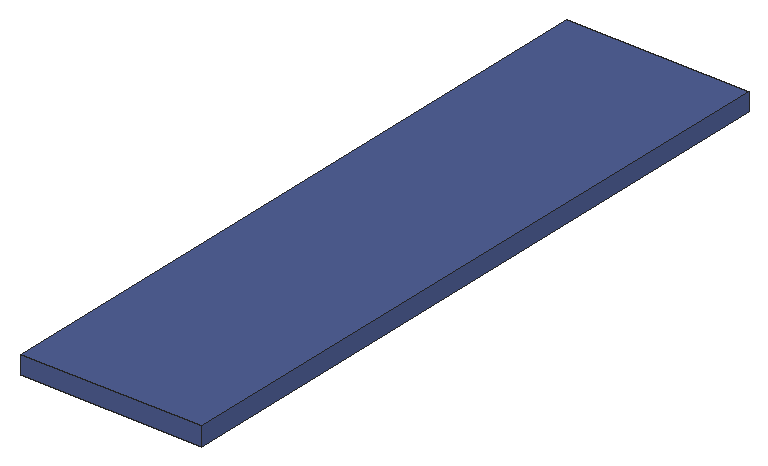
Revit family "DockEquipment_GuideLight_SuperSeal_3C3C-4", category Generic Models, Revit 2011
Parameters
  offset [instance] = 0' - 10 3/4"
  Warranty Duration (Years) = 0
  Unit Width = 0' - 5"
  Unit Height = 1' - 6 3/4"
  Unit Depth = 0' - 0 1/2"
  URL = "http://www.supersealmfg.com/"
  Specification = ""
  SpecWizard = ""
  Sign Width = 0' - 7"
  Sign Material = Plastic - Super Seal - Yellow
  Sign Height = 2' - 4 3/4"
  Sign [instance] = no
  Send Message = "http://www.arcat.com/users.pl?action=UserEmail&company=Super-Seal%20Mfg.%20Ltd&coid=44693&rep=119&fax=905-850-4440 &mf="
  Sales Information = "http://www.supersealmfg.com/ContactUs.htm"
  Revision = "R1_07-2011"
  Product Properties = ""
  Product Data = "http://arcat.com/arcatcos/cos44/arc44693.html?isac=1&r=1"
  Model = "As Specified"
  Material = Plastic - Super Seal - Blue
  Manufacturer Website = "http://www.supersealmfg.com/"
  Manufacturer Phone - Toll Free = "800-337-3239 "
  Manufacturer Phone = "800-337-3239 "
  Manufacturer Fax = "905-850-4440 "
  Manufacturer Address = "670 Rowntree Dairy Rd. Woodbridge , ON, Canada L4L-5T8"
  Manufacturer = "Super-Seal Mfg. Ltd"
  Maintenance Schedule (Months) = 0
  Keynote = ""
  Installation-Fabrication = ""
  Installation Phase = ""
  Green Building-LEED = ""
  Expected Lifespan (Years) = 0
  Drawn By = "Sumex Design, Inc. / Robert S. Weygant, CSI, CDT, SCIP"
  Description = "Super Seal"
  Default Elevation = 4' - 0"
  Copyright = "©Arcat Inc."
  Construction Details = "http://arcat.com/details/supersea/supersea.html?coid=44693"
  Assembly Code = ""
Reference planes (in)
  plane 1 "Center (Front/Back)": y = 0
  plane 2 "Bottom": z = 0
  plane 3 "Center (Left/Right)": x = 0
  plane 4 "Front": y = -9.375
  plane 5 "Left": x = -2.5
  plane 6 "Right": x = 2.5
  plane 7 "Top": z = 0.5
  plane 8: y = 9.375
  plane 9: x = -3.5
  plane 10: x = 3.5
  plane 11: y = 14.375
  plane 12: y = -14.375
Forms (in)
  Extrusion 1, solid, material "Plastic - Super Seal - Blue" <- "Material"
    sketch origin (0, 0, 0) x (1, 0, 0) y (0, 1, 0)
      loop
        line (-2.5, 9.375) -> (-2.5, -9.375) -> (2.5, -9.375) -> (2.5, 9.375) -> (-2.5, 9.375)
    from 0 to 0.5
  Extrusion 2, solid, material "Plastic - Super Seal - Yellow" <- "Sign Material", visible <- "Sign"
    sketch origin (-43.59721, -180, 0.5) x (-1, 0, 0) y (0, -1, 0)
      loop
        line (-40.09721, -194.375) -> (-40.09721, -165.625) -> (-47.09721, -165.625) -> (-47.09721, -194.375) -> (-40.09721, -194.375)
      loop
        line (-41.09721, -170.625) -> (-46.09721, -170.625) -> (-46.09721, -189.375) -> (-41.09721, -189.375) -> (-41.09721, -170.625)
    from 0 to -0.5
Lines and regions (in)
  model lines, style "Dock Equipment", detail levels medium+fine
    curve 1: circle (0, -6.21427, 0.5) r 2 normal (0, 0, 1)
    curve 2: circle (0, 7.66073, 0.5) r 1.5 normal (0, 0, 1)
    curve 3: circle (0, 7.66073, 0.5) r 0.75 normal (0, 0, 1)
    curve 32: circle (0, -1.46427, 0.5) r 2 normal (0, 0, 1)
    curve 61: circle (0, 3.28573, 0.5) r 2 normal (0, 0, 1)
  model lines, style "Dock Equipment", detail levels fine
    curve 4: circle (0.75, -6.21427, 0.5) r 0.125 normal (0, 0, 1)
    curve 5: circle (0, -6.96427, 0.5) r 0.125 normal (0, 0, 1)
    curve 6: circle (0, -7.46427, 0.5) r 0.125 normal (0, 0, 1)
    curve 7: circle (0, -5.46427, 0.5) r 0.125 normal (0, 0, 1)
    curve 8: circle (0, -4.96427, 0.5) r 0.125 normal (0, 0, 1)
    curve 9: circle (-0.75, -6.21427, 0.5) r 0.125 normal (0, 0, 1)
    curve 10: circle (-1.25, -6.21427, 0.5) r 0.125 normal (0, 0, 1)
    curve 11: circle (0.17678, -6.0375, 0.5) r 0.125 normal (0, 0, 1)
    curve 12: circle (0.88388, -5.33039, 0.5) r 0.125 normal (0, 0, 1)
    curve 13: circle (0.53033, -6.7446, 0.5) r 0.125 normal (0, 0, 1)
    curve 14: circle (0.88388, -7.09816, 0.5) r 0.125 normal (0, 0, 1)
    curve 15: circle (-0.53033, -5.68394, 0.5) r 0.125 normal (0, 0, 1)
    curve 16: circle (-0.88388, -5.33039, 0.5) r 0.125 normal (0, 0, 1)
    curve 17: circle (-0.53033, -6.7446, 0.5) r 0.125 normal (0, 0, 1)
    curve 18: circle (-0.88388, -7.09816, 0.5) r 0.125 normal (0, 0, 1)
    curve 19: circle (0.53033, -5.68394, 0.5) r 0.125 normal (0, 0, 1)
    curve 20: circle (-0.17678, -6.0375, 0.5) r 0.125 normal (0, 0, -1)
    curve 21: circle (0.17678, -6.39105, 0.5) r 0.125 normal (0, 0, -1)
    curve 22: circle (-0.17678, -6.39105, 0.5) r 0.125 normal (0, 0, 1)
    curve 23: circle (1.25, -6.21427, 0.5) r 0.125 normal (0, 0, -1)
    curve 24: circle (1.75, -6.21427, 0.5) r 0.125 normal (0, 0, -1)
    curve 25: circle (1.23744, -7.45171, 0.5) r 0.125 normal (0, 0, -1)
    curve 26: circle (1.23744, -4.97684, 0.5) r 0.125 normal (0, 0, -1)
    curve 27: circle (0, -4.46427, 0.5) r 0.125 normal (0, 0, -1)
    curve 28: circle (-1.23744, -4.97684, 0.5) r 0.125 normal (0, 0, -1)
    curve 29: circle (-1.75, -6.21427, 0.5) r 0.125 normal (0, 0, -1)
    curve 30: circle (-1.23744, -7.45171, 0.5) r 0.125 normal (0, 0, -1)
    curve 31: circle (0, -7.96427, 0.5) r 0.125 normal (0, 0, -1)
    curve 33: circle (0.75, -1.46427, 0.5) r 0.125 normal (0, 0, 1)
    curve 34: circle (0, -2.21427, 0.5) r 0.125 normal (0, 0, 1)
    curve 35: circle (0, -2.71427, 0.5) r 0.125 normal (0, 0, 1)
    curve 36: circle (0, -0.71427, 0.5) r 0.125 normal (0, 0, 1)
    curve 37: circle (0, -0.21427, 0.5) r 0.125 normal (0, 0, 1)
    curve 38: circle (-0.75, -1.46427, 0.5) r 0.125 normal (0, 0, 1)
    curve 39: circle (-1.25, -1.46427, 0.5) r 0.125 normal (0, 0, 1)
    curve 40: circle (0.17678, -1.2875, 0.5) r 0.125 normal (0, 0, 1)
    curve 41: circle (0.88388, -0.58039, 0.5) r 0.125 normal (0, 0, 1)
    curve 42: circle (0.53033, -1.9946, 0.5) r 0.125 normal (0, 0, 1)
    curve 43: circle (0.88388, -2.34816, 0.5) r 0.125 normal (0, 0, 1)
    curve 44: circle (-0.53033, -0.93394, 0.5) r 0.125 normal (0, 0, 1)
    curve 45: circle (-0.88388, -0.58039, 0.5) r 0.125 normal (0, 0, 1)
    curve 46: circle (-0.53033, -1.9946, 0.5) r 0.125 normal (0, 0, 1)
    curve 47: circle (-0.88388, -2.34816, 0.5) r 0.125 normal (0, 0, 1)
    curve 48: circle (0.53033, -0.93394, 0.5) r 0.125 normal (0, 0, 1)
    curve 49: circle (-0.17678, -1.2875, 0.5) r 0.125 normal (0, 0, -1)
    curve 50: circle (0.17678, -1.64105, 0.5) r 0.125 normal (0, 0, -1)
    curve 51: circle (-0.17678, -1.64105, 0.5) r 0.125 normal (0, 0, 1)
    curve 52: circle (1.25, -1.46427, 0.5) r 0.125 normal (0, 0, -1)
    curve 53: circle (1.75, -1.46427, 0.5) r 0.125 normal (0, 0, -1)
    curve 54: circle (1.23744, -2.70171, 0.5) r 0.125 normal (0, 0, -1)
    curve 55: circle (1.23744, -0.22684, 0.5) r 0.125 normal (0, 0, -1)
    curve 56: circle (0, 0.28573, 0.5) r 0.125 normal (0, 0, -1)
    curve 57: circle (-1.23744, -0.22684, 0.5) r 0.125 normal (0, 0, -1)
    curve 58: circle (-1.75, -1.46427, 0.5) r 0.125 normal (0, 0, -1)
    curve 59: circle (-1.23744, -2.70171, 0.5) r 0.125 normal (0, 0, -1)
    curve 60: circle (0, -3.21427, 0.5) r 0.125 normal (0, 0, -1)
    curve 62: circle (0.75, 3.28573, 0.5) r 0.125 normal (0, 0, 1)
    curve 63: circle (0, 2.53573, 0.5) r 0.125 normal (0, 0, 1)
    curve 64: circle (0, 2.03573, 0.5) r 0.125 normal (0, 0, 1)
    curve 65: circle (0, 4.03573, 0.5) r 0.125 normal (0, 0, 1)
    curve 66: circle (0, 4.53573, 0.5) r 0.125 normal (0, 0, 1)
    curve 67: circle (-0.75, 3.28573, 0.5) r 0.125 normal (0, 0, 1)
    curve 68: circle (-1.25, 3.28573, 0.5) r 0.125 normal (0, 0, 1)
    curve 69: circle (0.17678, 3.4625, 0.5) r 0.125 normal (0, 0, 1)
    curve 70: circle (0.88388, 4.16961, 0.5) r 0.125 normal (0, 0, 1)
    curve 71: circle (0.53033, 2.7554, 0.5) r 0.125 normal (0, 0, 1)
    curve 72: circle (0.88388, 2.40184, 0.5) r 0.125 normal (0, 0, 1)
    curve 73: circle (-0.53033, 3.81606, 0.5) r 0.125 normal (0, 0, 1)
    curve 74: circle (-0.88388, 4.16961, 0.5) r 0.125 normal (0, 0, 1)
    curve 75: circle (-0.53033, 2.7554, 0.5) r 0.125 normal (0, 0, 1)
    curve 76: circle (-0.88388, 2.40184, 0.5) r 0.125 normal (0, 0, 1)
    curve 77: circle (0.53033, 3.81606, 0.5) r 0.125 normal (0, 0, 1)
    curve 78: circle (-0.17678, 3.4625, 0.5) r 0.125 normal (0, 0, -1)
    curve 79: circle (0.17678, 3.10895, 0.5) r 0.125 normal (0, 0, -1)
    curve 80: circle (-0.17678, 3.10895, 0.5) r 0.125 normal (0, 0, 1)
    curve 81: circle (1.25, 3.28573, 0.5) r 0.125 normal (0, 0, -1)
    curve 82: circle (1.75, 3.28573, 0.5) r 0.125 normal (0, 0, -1)
    curve 83: circle (1.23744, 2.04829, 0.5) r 0.125 normal (0, 0, -1)
    curve 84: circle (1.23744, 4.52316, 0.5) r 0.125 normal (0, 0, -1)
    curve 85: circle (0, 5.03573, 0.5) r 0.125 normal (0, 0, -1)
    curve 86: circle (-1.23744, 4.52316, 0.5) r 0.125 normal (0, 0, -1)
    curve 87: circle (-1.75, 3.28573, 0.5) r 0.125 normal (0, 0, -1)
    curve 88: circle (-1.23744, 2.04829, 0.5) r 0.125 normal (0, 0, -1)
    curve 89: circle (0, 1.53573, 0.5) r 0.125 normal (0, 0, -1)
Dimensions and locks (in)
  equal spacing: plane 5 "Left", plane 3 "Center (Left/Right)", plane 6 "Right"
  "Unit Width": plane 5 "Left" to plane 6 "Right"
  equal spacing: plane 8, plane 1 "Center (Front/Back)", plane 4 "Front"
  "Unit Depth": plane 7 "Top" to level
  "Unit Height": plane 8 to plane 4 "Front"
  equal spacing: plane 11, plane 1 "Center (Front/Back)", plane 12
  equal spacing: plane 9, plane 3 "Center (Left/Right)", plane 10
  "Sign Width": plane 9 to plane 10
  "Sign Height": plane 11 to plane 12
  aligned and locked: plane 7 "Top" to Extrusion 1
  aligned and locked: Extrusion 2 to level
Automatic sketch dimensions
  Extrusion 1 sketch curve to plane 4 "Front" = 0' - 0"
  Extrusion 1 sketch curve to plane 5 "Left" = 0' - 0"
  Extrusion 1 sketch curve to plane 6 "Right" = 0' - 0"
  Extrusion 1 sketch curve to plane 8 = 0' - 0"
  Extrusion 2 sketch curve to plane 10 = 0' - 0"
  Extrusion 2 sketch curve to plane 6 "Right" = 0' - 0"
  Extrusion 2 sketch curve to plane 4 "Front" = 0' - 0"
  Extrusion 2 sketch curve to plane 5 "Left" = 0' - 0"
  Extrusion 2 sketch curve to plane 9 = 0' - 0"
  Extrusion 2 sketch curve to plane 11 = 0' - 0"
  Extrusion 2 sketch curve to plane 8 = 0' - 0"
  Extrusion 2 sketch curve to plane 12 = 0' - 0"
  curve 2 to curve 3 = 0' - 0"  (x2)
  curve 32 to plane 3 "Center (Left/Right)" = 0' - 0"
  curve 36 to plane 3 "Center (Left/Right)" = 0' - 0"
  curve 37 to plane 3 "Center (Left/Right)" = 0' - 0"
  curve 66 to plane 3 "Center (Left/Right)" = 0' - 0"
  curve 65 to plane 3 "Center (Left/Right)" = 0' - 0"
  curve 31 to plane 3 "Center (Left/Right)" = 0' - 0"
  curve 35 to plane 3 "Center (Left/Right)" = 0' - 0"
  curve 34 to plane 3 "Center (Left/Right)" = 0' - 0"
  curve 85 to plane 3 "Center (Left/Right)" = 0' - 0"
  curve 8 to plane 3 "Center (Left/Right)" = 0' - 0"
  curve 64 to plane 3 "Center (Left/Right)" = 0' - 0"
  curve 89 to plane 3 "Center (Left/Right)" = 0' - 0"
  curve 63 to plane 3 "Center (Left/Right)" = 0' - 0"
  curve 7 to plane 3 "Center (Left/Right)" = 0' - 0"
  curve 6 to plane 3 "Center (Left/Right)" = 0' - 0"
  curve 61 to plane 3 "Center (Left/Right)" = 0' - 0"
  curve 27 to plane 3 "Center (Left/Right)" = 0' - 0"
  curve 60 to plane 3 "Center (Left/Right)" = 0' - 0"
  curve 5 to plane 3 "Center (Left/Right)" = 0' - 0"
  curve 3 to plane 3 "Center (Left/Right)" = 0' - 0"
  curve 1 to plane 3 "Center (Left/Right)" = 0' - 0"
  curve 56 to plane 3 "Center (Left/Right)" = 0' - 0"
  plane 3 "Center (Left/Right)" to curve 79 = 0' - 0.17678"
  plane 3 "Center (Left/Right)" to curve 11 = 0' - 0.17678"
  plane 3 "Center (Left/Right)" to curve 40 = 0' - 0.17678"
  plane 3 "Center (Left/Right)" to curve 69 = 0' - 0.17678"
  plane 3 "Center (Left/Right)" to curve 21 = 0' - 0.17678"
  plane 3 "Center (Left/Right)" to curve 50 = 0' - 0.17678"
  curve 71 to curve 79 = 0' - 0.35355"
  curve 13 to curve 21 = 0' - 0.35355"
  curve 77 to curve 69 = 0' - 0.35355"
  curve 19 to curve 11 = 0' - 0.35355"
  curve 48 to curve 40 = 0' - 0.35355"  (x2)
  curve 42 to curve 50 = 0' - 0.35355"
  curve 33 to curve 42 = 0' - 0.21967"
  curve 4 to curve 13 = 0' - 0.21967"
  curve 62 to curve 71 = 0' - 0.21967"
  curve 70 to curve 77 = 0' - 0.35355"  (x2)
  curve 43 to curve 42 = 0' - 0.35355"
  curve 72 to curve 71 = 0' - 0.35355"
  curve 41 to curve 48 = 0' - 0.35355"  (x2)
  curve 12 to curve 19 = 0' - 0.35355"  (x2)
  curve 14 to curve 13 = 0' - 0.35355"
  curve 26 to curve 12 = 0' - 0.35355"  (x2)
  curve 83 to curve 72 = 0' - 0.35355"
  curve 84 to curve 70 = 0' - 0.35355"  (x2)
  curve 25 to curve 14 = 0' - 0.35355"
  curve 55 to curve 41 = 0' - 0.35355"  (x2)
  curve 54 to curve 43 = 0' - 0.35355"
  curve 81 to curve 62 = 0' - 0 1/2"
  curve 23 to curve 4 = 0' - 0 1/2"
  curve 52 to curve 33 = 0' - 0 1/2"
  curve 82 to curve 81 = 0' - 0 1/2"
  curve 53 to curve 52 = 0' - 0 1/2"
  curve 24 to curve 23 = 0' - 0 1/2"
  curve 20 to plane 3 "Center (Left/Right)" = 0' - 0.17678"
  curve 78 to plane 3 "Center (Left/Right)" = 0' - 0.17678"
  curve 22 to plane 3 "Center (Left/Right)" = 0' - 0.17678"
  curve 51 to plane 3 "Center (Left/Right)" = 0' - 0.17678"
  curve 49 to plane 3 "Center (Left/Right)" = 0' - 0.17678"
  curve 80 to plane 3 "Center (Left/Right)" = 0' - 0.17678"
  curve 49 to curve 44 = 0' - 0.35355"
  curve 80 to curve 75 = 0' - 0.35355"  (x2)
  curve 51 to curve 46 = 0' - 0.35355"  (x2)
  curve 20 to curve 15 = 0' - 0.35355"
  curve 78 to curve 73 = 0' - 0.35355"
  curve 22 to curve 17 = 0' - 0.35355"  (x2)
  curve 46 to curve 38 = 0' - 0.21967"
  curve 15 to curve 9 = 0' - 0.21967"
  curve 75 to curve 67 = 0' - 0.21967"
  curve 15 to curve 16 = 0' - 0.35355"
  curve 73 to curve 74 = 0' - 0.35355"
  curve 17 to curve 18 = 0' - 0.35355"  (x2)
  curve 75 to curve 76 = 0' - 0.35355"  (x2)
  curve 44 to curve 45 = 0' - 0.35355"
  curve 46 to curve 47 = 0' - 0.35355"  (x2)
  curve 16 to curve 28 = 0' - 0.35355"
  curve 76 to curve 88 = 0' - 0.35355"  (x2)
  curve 18 to curve 30 = 0' - 0.35355"  (x2)
  curve 74 to curve 86 = 0' - 0.35355"
  curve 45 to curve 57 = 0' - 0.35355"
  curve 47 to curve 59 = 0' - 0.35355"  (x2)
  curve 9 to curve 10 = 0' - 0 1/2"
  curve 67 to curve 68 = 0' - 0 1/2"
  curve 38 to curve 39 = 0' - 0 1/2"
  curve 10 to curve 29 = 0' - 0 1/2"
  curve 68 to curve 87 = 0' - 0 1/2"
  curve 39 to curve 58 = 0' - 0 1/2"
  curve 2 to plane 8 = 0' - 1.71427"
  curve 2 to curve 85 = 0' - 2 5/8"
  curve 85 to curve 66 = 0' - 0 1/2"
  curve 66 to curve 84 = 0' - 0.01256"
  curve 66 to curve 86 = 0' - 0.01256"
  curve 86 to curve 74 = 0' - 0.35355"
  curve 66 to curve 65 = 0' - 0 1/2"
  curve 74 to curve 73 = 0' - 0.35355"
  curve 73 to curve 78 = 0' - 0.35355"
  curve 69 to curve 78 = 0' - 0"
  curve 74 to curve 87 = 0' - 0.88388"
  curve 69 to curve 61 = 0' - 0.17678"
  curve 68 to curve 87 = 0' - 0"
  curve 77 to curve 62 = 0' - 0.53033"
  curve 67 to curve 68 = 0' - 0"
  curve 82 to curve 62 = 0' - 0"
  curve 81 to curve 62 = 0' - 0"
  curve 61 to curve 79 = 0' - 0.17678"
  curve 61 to curve 80 = 0' - 0.17678"
  curve 79 to curve 71 = 0' - 0.35355"
  curve 71 to curve 63 = 0' - 0.21967"
  curve 71 to curve 72 = 0' - 0.35355"
  curve 72 to curve 83 = 0' - 0.35355"
  curve 63 to curve 64 = 0' - 0 1/2"
  curve 64 to curve 89 = 0' - 0 1/2"
  curve 56 to plane 1 "Center (Front/Back)" = 0' - 0.28573"
  curve 56 to curve 37 = 0' - 0 1/2"
  plane 1 "Center (Front/Back)" to curve 55 = 0' - 0.22684"
  plane 1 "Center (Front/Back)" to curve 57 = 0' - 0.22684"
  curve 57 to curve 45 = 0' - 0.35355"
  curve 37 to curve 36 = 0' - 0 1/2"
  curve 45 to curve 44 = 0' - 0.35355"
  curve 49 to curve 40 = 0' - 0"
  curve 45 to curve 58 = 0' - 0.88388"
  curve 48 to curve 33 = 0' - 0.53033"
  curve 53 to curve 33 = 0' - 0"
  curve 52 to curve 33 = 0' - 0"
  curve 39 to curve 58 = 0' - 0"
  curve 38 to curve 39 = 0' - 0"
  curve 49 to curve 32 = 0' - 0.17678"
  curve 32 to curve 50 = 0' - 0.17678"
  curve 32 to curve 51 = 0' - 0.17678"
  curve 50 to curve 42 = 0' - 0.35355"
  curve 46 to curve 34 = 0' - 0.21967"
  curve 42 to curve 43 = 0' - 0.35355"
  curve 43 to curve 54 = 0' - 0.35355"
  curve 34 to curve 35 = 0' - 0 1/2"
  curve 35 to curve 60 = 0' - 0 1/2"
  curve 60 to curve 27 = 0' - 1 1/4"
  curve 27 to curve 8 = 0' - 0 1/2"
  curve 8 to curve 26 = 0' - 0.01256"
  curve 8 to curve 28 = 0' - 0.01256"
  curve 28 to curve 16 = 0' - 0.35355"
  curve 8 to curve 7 = 0' - 0 1/2"
  curve 16 to curve 15 = 0' - 0.35355"
  curve 15 to curve 20 = 0' - 0.35355"
  curve 11 to curve 20 = 0' - 0"
  curve 12 to curve 24 = 0' - 0.88388"
  curve 23 to curve 24 = 0' - 0"
  curve 4 to curve 23 = 0' - 0"
  curve 15 to curve 10 = 0' - 0.53033"
  curve 9 to curve 10 = 0' - 0"
  curve 29 to curve 10 = 0' - 0"
  curve 20 to curve 1 = 0' - 0.17678"
  curve 1 to curve 22 = 0' - 0.17678"
  curve 1 to curve 21 = 0' - 0.17678"
  curve 21 to curve 13 = 0' - 0.35355"
  curve 17 to curve 5 = 0' - 0.21967"
  curve 13 to curve 14 = 0' - 0.35355"
  curve 14 to curve 25 = 0' - 0.35355"
  curve 5 to curve 6 = 0' - 0 1/2"
  curve 6 to curve 31 = 0' - 0 1/2"
  radius of curve 1 = 0' - 2"
  radius of curve 2 = 0' - 1 1/2"
  radius of curve 3 = 0' - 0 3/4"
  radius of curve 4 = 0' - 0 1/8"
  radius of curve 5 = 0' - 0 1/8"
  radius of curve 6 = 0' - 0 1/8"
  radius of curve 7 = 0' - 0 1/8"
  radius of curve 8 = 0' - 0 1/8"
  radius of curve 9 = 0' - 0 1/8"
  radius of curve 10 = 0' - 0 1/8"
  radius of curve 11 = 0' - 0 1/8"
  radius of curve 12 = 0' - 0 1/8"
  radius of curve 13 = 0' - 0 1/8"
  radius of curve 14 = 0' - 0 1/8"
  radius of curve 15 = 0' - 0 1/8"
  radius of curve 16 = 0' - 0 1/8"
  radius of curve 17 = 0' - 0 1/8"
  radius of curve 18 = 0' - 0 1/8"
  radius of curve 19 = 0' - 0 1/8"
  radius of curve 20 = 0' - 0 1/8"
  radius of curve 21 = 0' - 0 1/8"
  radius of curve 22 = 0' - 0 1/8"
  radius of curve 23 = 0' - 0 1/8"
  radius of curve 24 = 0' - 0 1/8"
  radius of curve 25 = 0' - 0 1/8"
  radius of curve 26 = 0' - 0 1/8"
  radius of curve 27 = 0' - 0 1/8"
  radius of curve 28 = 0' - 0 1/8"
  radius of curve 29 = 0' - 0 1/8"
  radius of curve 30 = 0' - 0 1/8"
  radius of curve 31 = 0' - 0 1/8"
  radius of curve 32 = 0' - 2"
  radius of curve 33 = 0' - 0 1/8"
  radius of curve 34 = 0' - 0 1/8"
  radius of curve 35 = 0' - 0 1/8"
  radius of curve 36 = 0' - 0 1/8"
  radius of curve 37 = 0' - 0 1/8"
  radius of curve 38 = 0' - 0 1/8"
  radius of curve 39 = 0' - 0 1/8"
  radius of curve 40 = 0' - 0 1/8"
  radius of curve 41 = 0' - 0 1/8"
  radius of curve 42 = 0' - 0 1/8"
  radius of curve 43 = 0' - 0 1/8"
  radius of curve 44 = 0' - 0 1/8"
  radius of curve 45 = 0' - 0 1/8"
  radius of curve 46 = 0' - 0 1/8"
  radius of curve 47 = 0' - 0 1/8"
  radius of curve 48 = 0' - 0 1/8"
  radius of curve 49 = 0' - 0 1/8"
  radius of curve 50 = 0' - 0 1/8"
  radius of curve 51 = 0' - 0 1/8"
  radius of curve 52 = 0' - 0 1/8"
  radius of curve 53 = 0' - 0 1/8"
  radius of curve 54 = 0' - 0 1/8"
  radius of curve 55 = 0' - 0 1/8"
  radius of curve 56 = 0' - 0 1/8"
  radius of curve 57 = 0' - 0 1/8"
  radius of curve 58 = 0' - 0 1/8"
  radius of curve 59 = 0' - 0 1/8"
  radius of curve 60 = 0' - 0 1/8"
  radius of curve 61 = 0' - 2"
  radius of curve 62 = 0' - 0 1/8"
  radius of curve 63 = 0' - 0 1/8"
  radius of curve 64 = 0' - 0 1/8"
  radius of curve 65 = 0' - 0 1/8"
  radius of curve 66 = 0' - 0 1/8"
  radius of curve 67 = 0' - 0 1/8"
  radius of curve 68 = 0' - 0 1/8"
  radius of curve 69 = 0' - 0 1/8"
  radius of curve 70 = 0' - 0 1/8"
  radius of curve 71 = 0' - 0 1/8"
  radius of curve 72 = 0' - 0 1/8"
  radius of curve 73 = 0' - 0 1/8"
  radius of curve 74 = 0' - 0 1/8"
  radius of curve 75 = 0' - 0 1/8"
  radius of curve 76 = 0' - 0 1/8"
  radius of curve 77 = 0' - 0 1/8"
  radius of curve 78 = 0' - 0 1/8"
  radius of curve 79 = 0' - 0 1/8"
  radius of curve 80 = 0' - 0 1/8"
  radius of curve 81 = 0' - 0 1/8"
  radius of curve 82 = 0' - 0 1/8"
  radius of curve 83 = 0' - 0 1/8"
  radius of curve 84 = 0' - 0 1/8"
  radius of curve 85 = 0' - 0 1/8"
  radius of curve 86 = 0' - 0 1/8"
  radius of curve 87 = 0' - 0 1/8"
  radius of curve 88 = 0' - 0 1/8"
  radius of curve 89 = 0' - 0 1/8"
